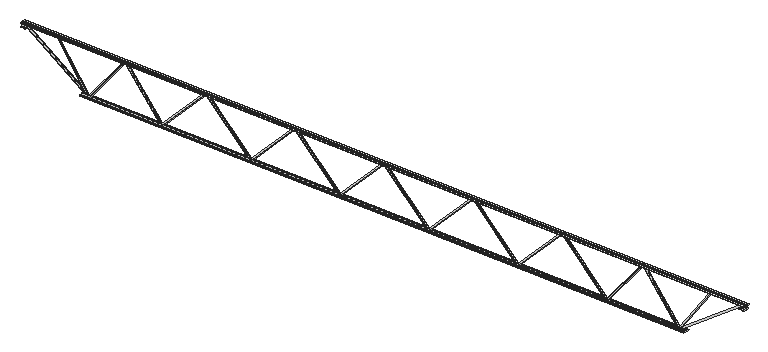
Revit family
Parameters (values of type "52DLH14")
  Variable Panel [instance] = (Length - (End Panel * 2) - IntPanelArrayLength) / 2  # 2163.5 mm
  Start Offset [instance] = 0 mm
  Start Extension [instance] = 0 mm
  M = 58
  Web Thickness = 25 mm
  Seat Length = 150 mm
  Seat Depth = 125 mm
  Rendering Material = Metal - Steel - 345 MPa
  Keynote = "G10"
  IntPanelWidth [instance] = Depth * 2  # 2642 mm
  IntPanelArrayNum [instance] = (PanelAreaLength / IntPanelWidth) - 2  # 5
  IntPanelArrayLength [instance] = IntPanelArrayNum * IntPanelWidth  # 13210 mm
  PanelAreaLength [instance] = Length - (End Panel * 2)  # 17537 mm
  End Panel = 1.5 * Depth  # 1981.5 mm
  End Offset [instance] = 0 mm
  End Extension [instance] = 0 mm
  Cord Leg = 63.5 mm
  Chord Thickness = 12.5 mm
  Assembly Code = ""
  Length [instance] = 21500 mm
  Depth = 1321 mm
Types (4, lengths in mm): name | Variable Panel | M | Rendering Material | IntPanelWidth | IntPanelArrayNum | IntPanelArrayLength | PanelAreaLength | End Panel | Depth
  (no name) | 2163.5 | 58 | Metal - Steel - 345 MPa | 2642 | 5 | 13210 | 17537 | 1981.5 | 1321
  52DLH14 | 2163.5 | 58 | Metal - Steel - 345 MPa | 2642 | 5 | 13210 | 17537 | 1981.5 | 1321
  64DLH15 | 3433 | 64 | none | 3252 | 3 | 9756 | 16622 | 2439 | 1626
  72DLH16 | 4348.5 | 74 | none | 3658 | 2 | 7316 | 16013 | 2743.5 | 1829
Reference planes
  plane 1 "Center (Front/Back)": y = 0
  plane 2: z = 0
  plane 3 "Center (Left/Right)": x = 4.61
  plane 4 "Member Left": x = -3551.39
  plane 5 "Member Right": x = 3560.61
  plane 6: y = 76
  plane 7: y = -76
  plane 8: z = 660.5
  plane 9: z = -660.5
  plane 10 "Left": x = -10745.39
  plane 11 "Stick Symbol Left": x = -3500.59
  plane 12 "Stick Symbol Right": x = 3509.81
  plane 13 "Right": x = 10754.61
  plane 14: z = 535.5
  plane 15: x = -10595.39
  plane 16: x = -8763.89
  plane 17: x = -8963.89
  plane 18: x = 10604.61
  plane 19: x = 8773.11
  plane 20: y = 12.5
  plane 21: y = -12.5
  plane 22: z = 597
  plane 23: z = -597
  plane 24: x = 8973.11
  plane 25: x = -9679.64
  plane 26: x = -6600.39
  plane 27: x = 6609.61
  plane 28: x = 9688.86
  plane 29: z = -654.15
  plane 30: z = 654.15
  plane 31: x = -10745.39
  plane 32: x = 10754.61
  plane 33: x = -10745.39
  plane 34: x = 10754.61
Forms (mm)
  Extrusion 1, solid, material "Metal - Steel - 345 MPa" <- "Rendering Material", detail levels medium+fine
    sketch origin (4.61, 0, 0) x (0, 1, 0) y (0, 0, 1)
      loop
        line (76, 660.5) -> (12.5, 660.5) -> (12.5, 597) -> (25, 597) -> (25, 648) -> (76, 648) -> (76, 660.5)
      loop
        line (-76, 660.5) -> (-76, 648) -> (-25, 648) -> (-25, 597) -> (-12.5, 597) -> (-12.5, 660.5) -> (-76, 660.5)
    from -10750 to 10750
  Extrusion 2, solid, material "Metal - Steel - 345 MPa" <- "Rendering Material", detail levels medium+fine
    sketch origin (4.61, 0, 0) x (0, 1, 0) y (0, 0, 1)
      loop
        line (12.5, -597) -> (12.5, -660.5) -> (76, -660.5) -> (76, -648) -> (25, -648) -> (25, -597) -> (12.5, -597)
      loop
        line (-12.5, -597) -> (-25, -597) -> (-25, -648) -> (-76, -648) -> (-76, -660.5) -> (-12.5, -660.5) -> (-12.5, -597)
    from -8968.5 to 8968.5
  Extrusion 3, solid, material "Metal - Steel - 345 MPa" <- "Rendering Material", detail levels medium+fine
    sketch origin (4.61, 0, 0) x (0, 1, 0) y (0, 0, 1)
      loop
        line (76, 535.5) -> (76, 548) -> (25, 548) -> (25, 597) -> (12.5, 597) -> (12.5, 535.5) -> (76, 535.5)
      loop
        line (-76, 535.5) -> (-12.5, 535.5) -> (-12.5, 597) -> (-25, 597) -> (-25, 548) -> (-76, 548) -> (-76, 535.5)
    from 10600 to 10750
  Extrusion 4, solid, material "Metal - Steel - 345 MPa" <- "Rendering Material", detail levels medium+fine
    sketch origin (4.61, 0, 0) x (0, 1, 0) y (0, 0, 1)
      loop
        line (-76, 535.5) -> (-12.5, 535.5) -> (-12.5, 597) -> (-25, 597) -> (-25, 548) -> (-76, 548) -> (-76, 535.5)
      loop
        line (12.5, 535.5) -> (76, 535.5) -> (76, 548) -> (25, 548) -> (25, 597) -> (12.5, 597) -> (12.5, 535.5)
    from -10750 to -10600
  Sweep 5, solid, material "Metal - Steel - 345 MPa" <- "Rendering Material", detail levels fine
    path in 3D
      loop
        line (8773.11, 0, -654.15) -> (10604.61, 0, 597)
    profile "Web-Profile : Web-Profile" origin (9688.86, 0, -28.575) x (-0.564075, 0, 0.825723) y (0, -1, 0)
      loop
        line (-25.4, 18.85) -> (-25.4, 6.15) -> (25.4, 6.15) -> (25.4, 18.85) -> (-25.4, 18.85)
  Sweep 6, solid, material "Metal - Steel - 345 MPa" <- "Rendering Material", detail levels fine
    path in 3D
      loop
        line (9685.957, 0, 597) -> (8773.11, 0, -654.15)
    profile "Web-Profile : Web-Profile" origin (9229.534, 0, -28.575) x (0.807838, 0, -0.589404) y (0, -1, 0)
      loop
        line (-25.4, 6.35) -> (-25.4, -6.35) -> (25.4, -6.35) -> (25.4, 6.35) -> (-25.4, 6.35)
  Sweep 7, solid, material "Metal - Steel - 345 MPa" <- "Rendering Material", detail levels fine
    path in 3D
      loop
        line (-10595.39, 0, 597) -> (-8763.89, 0, -654.15)
    profile "Web-Profile : Web-Profile" origin (-9679.64, 0, -28.575) x (0.564075, 0, 0.825723) y (0, -1, 0)
      loop
        line (-25.4, 6.35) -> (-25.4, -6.35) -> (25.4, -6.35) -> (25.4, 6.35) -> (-25.4, 6.35)
  Sweep 8, solid, material "Metal - Steel - 345 MPa" <- "Rendering Material", detail levels fine
    path in 3D
      loop
        line (-8763.89, 0, -654.15) -> (-9679.64, 0, 597)
    profile "Web-Profile : Web-Profile" origin (-9221.765, 0, -28.575) x (-0.806946, 0, -0.590625) y (0, -1, 0)
      loop
        line (-25.4, 6.35) -> (-25.4, -6.35) -> (25.4, -6.35) -> (25.4, 6.35) -> (-25.4, 6.35)
Lines and regions (mm)
  symbolic lines, style "StructuralFraming", detail levels coarse
    curve 1: line (0, 76, 660.5) -> (0, 12.5, 660.5)
    curve 2: line (0, -76, -660.5) -> (0, -12.5, -660.5)
    curve 14: line (0, 12.5, -660.5) -> (0, 76, -660.5)
    curve 15: line (4.61, 12.5, -660.5) -> (4.61, 12.5, -597)
    curve 16: line (4.61, -12.5, -660.5) -> (4.61, -12.5, -597)
    curve 17: line (4.61, -12.5, 660.5) -> (4.61, -12.5, 597)
    curve 18: line (4.61, 12.5, 660.5) -> (4.61, 12.5, 597)
    curve 19: line (0, -12.5, 660.5) -> (0, -76, 660.5)
  symbolic lines, style "StructuralFraming", detail levels coarse+medium
    curve 3: line (0, 0, -660.5) -> (0, 0, 660.5)
  reference lines
    curve 4: line (-3350.59, 0, -784.008) -> (-3350.59, 0, 740.192)
    curve 5: line (-1369.09, 0, -790.358) -> (-1369.09, 0, 740.192)
    curve 6: line (3359.81, 0, -731.088) -> (3359.81, 0, 742.312)
    curve 7: line (1378.31, 0, -858.088) -> (1378.31, 0, 742.312)
  model lines, style "Web Joist", detail levels coarse
    curve 8: line (1378.31, 0, -660.5) -> (-1369.09, 0, -660.5)
    curve 9: line (3509.81, 0, 660.5) -> (-3500.59, 0, 660.5)
    curve 24: line (-1369.09, 0, -660.5) -> (-3350.59, 0, 660.5)
    curve 25: line (1378.31, 0, -660.5) -> (3359.81, 0, 660.5)
  model lines, style "StructuralFraming", detail levels medium
    curve 10: line (-8763.89, 0, -654.15) -> (-9679.64, 0, 597)
    curve 11: line (-10595.39, 0, 597) -> (-8763.89, 0, -654.15)
    curve 12: line (9685.957, 0, 597) -> (8773.11, 0, -654.15)
    curve 13: line (8773.11, 0, -654.15) -> (10604.61, 0, 597)
  sketch lines
    curve 20: line (8773.11, 0, -654.15) -> (10604.61, 0, 597)
    curve 21: line (9685.957, 0, 597) -> (8773.11, 0, -654.15)
    curve 22: line (-10595.39, 0, 597) -> (-8763.89, 0, -654.15)
    curve 23: line (-8763.89, 0, -654.15) -> (-9679.64, 0, 597)
  symbolic lines, detail levels fine
    curve 26: line (4.61, 12.5, -654.15) -> (4.61, -12.5, -654.15)
    curve 27: line (4.61, 12.5, -597) -> (4.61, 12.5, 597)
    curve 28: line (4.61, 12.5, 654.15) -> (4.61, -12.5, 654.15)
    curve 29: line (4.61, -12.5, -597) -> (4.61, -12.5, 597)
Dimensions and locks
  equal spacing: plane 9, plane 2, plane 8
  "Length": plane 10 "Left" to plane 13 "Right"
  equal spacing: plane 10 "Left", plane 3 "Center (Left/Right)", plane 13 "Right"
  "Seat Length": curve 4 to plane 11 "Stick Symbol Left"
  "End Panel": curve 5 to curve 4
  "Seat Length": curve 6 to plane 12 "Stick Symbol Right"
  "End Panel": curve 6 to curve 7
  "Depth": plane 9 to plane 8
  "Seat Depth": plane 8 to plane 14
  locked: plane 17 to plane 16 at 200
  "End Panel": plane 10 "Left" to plane 16
  "End Panel": plane 13 "Right" to plane 19
  "Web Thickness": plane 20 to plane 21
  equal spacing: plane 20, plane 1 "Center (Front/Back)", plane 21
  "Cord Leg": plane 21 to plane 7
  "Cord Leg": plane 6 to plane 20
  "Cord Leg": plane 9 to plane 23
  "Cord Leg": plane 22 to plane 8
  "Chord Thickness": plane 8 to Extrusion 1 sketch curve
  "Chord Thickness": Extrusion 1 sketch curve to plane 8
  "Chord Thickness": plane 21 to Extrusion 1 sketch curve
  "Chord Thickness": Extrusion 1 sketch curve to plane 20
  "Chord Thickness": plane 9 to Extrusion 2 sketch curve  (x2)
  "Chord Thickness": Extrusion 2 sketch curve to plane 20
  "Chord Thickness": plane 21 to Extrusion 2 sketch curve
  locked: plane 19 to plane 24 at 200
  "Chord Thickness": plane 14 to Extrusion 3 sketch curve  (x2)
  "Chord Thickness": plane 21 to Extrusion 3 sketch curve
  "Chord Thickness": Extrusion 3 sketch curve to plane 20
  "Chord Thickness": plane 14 to Extrusion 4 sketch curve  (x2)
  "Chord Thickness": Extrusion 4 sketch curve to plane 20
  "Chord Thickness": plane 21 to Extrusion 4 sketch curve
  locked: plane 29 to plane 9 at 6.35
  locked: plane 8 to plane 30 at 6.35
  equal spacing: plane 16, plane 25, plane 15
  equal spacing: plane 18, plane 28, plane 19
  equal spacing: plane 27, plane 3 "Center (Left/Right)", plane 26
  "IntPanelArrayLength": plane 27 to plane 26
  equal spacing: group 1, group 3, group 4, group 5, group 2  (x3)
  "Start Extension": plane 31 to plane 33
  "Seat Length": plane 33 to plane 15
  "Start Offset": plane 10 "Left" to plane 33
  "End Offset": plane 34 to plane 13 "Right"
  "Seat Length": plane 18 to plane 34
  "End Extension": plane 32 to plane 34
  aligned and locked: curve 8 to plane 9
  aligned and locked: curve 9 to plane 8
  aligned and locked: plane 11 "Stick Symbol Left" to curve 9
  aligned and locked: curve 5 to curve 8
  aligned and locked: curve 7 to curve 8
  aligned and locked: plane 8 to Extrusion 1 sketch curve
  aligned and locked: Extrusion 1 sketch curve to plane 8
  aligned and locked: plane 6 to Extrusion 1 sketch curve
  aligned and locked: plane 7 to Extrusion 1 sketch curve
  aligned and locked: Extrusion 1 sketch curve to plane 22
  aligned and locked: plane 22 to Extrusion 1 sketch curve
  aligned and locked: plane 9 to Extrusion 2 sketch curve
  aligned and locked: Extrusion 2 sketch curve to plane 9
  aligned and locked: plane 6 to Extrusion 2 sketch curve
  aligned and locked: plane 7 to Extrusion 2 sketch curve
  aligned and locked: plane 20 to Extrusion 2 sketch curve
  aligned and locked: plane 21 to Extrusion 2 sketch curve
  aligned and locked: Extrusion 2 sketch curve to plane 23
  aligned and locked: plane 23 to Extrusion 2 sketch curve
  aligned and locked: Extrusion 2 to plane 24
  aligned and locked: plane 17 to Extrusion 2
  aligned and locked: Extrusion 3 sketch curve to plane 7
  aligned and locked: plane 14 to Extrusion 3 sketch curve
  aligned and locked: Extrusion 3 sketch curve to plane 14
  aligned and locked: Extrusion 3 sketch curve to plane 6
  aligned and locked: plane 21 to Extrusion 3 sketch curve
  aligned and locked: plane 20 to Extrusion 3 sketch curve
  aligned and locked: Extrusion 3 sketch curve to plane 22
  aligned and locked: plane 22 to Extrusion 3 sketch curve
  aligned and locked: Extrusion 3 to plane 18
  aligned and locked: plane 6 to Extrusion 4 sketch curve
  aligned and locked: Extrusion 4 sketch curve to plane 7
  aligned and locked: Extrusion 4 sketch curve to plane 20
  aligned and locked: plane 21 to Extrusion 4 sketch curve
  aligned and locked: plane 22 to Extrusion 4 sketch curve  (x2)
  aligned and locked: Extrusion 4 sketch curve to plane 14  (x2)
  aligned and locked: plane 15 to Extrusion 4
  aligned and locked: Extrusion 2 to curve 15
  aligned and locked: curve 15 to Extrusion 2
  aligned and locked: curve 2 to curve 16
  aligned and locked: curve 16 to Extrusion 2
  aligned and locked: Extrusion 1 to curve 17
  aligned and locked: curve 17 to Extrusion 1
  aligned and locked: curve 18 to Extrusion 1  (x2)
  aligned and locked: curve 1 to Extrusion 1
  aligned and locked: nested 1 to plane 1 "Center (Front/Back)"
  aligned and locked: nested 1 to plane 26
  aligned and locked: plane 27 to nested 2
  aligned and locked: nested 3 to plane 1 "Center (Front/Back)"
  aligned and locked: nested 3 to plane 16
  aligned and locked: nested 4 to plane 19
  aligned and locked: plane 12 "Stick Symbol Right" to curve 9
  aligned and locked: curve 13 to Extrusion 3
  aligned and locked: plane 25 to curve 10
  aligned and locked: curve 4 to curve 24
  aligned and locked: curve 6 to curve 25
  aligned and locked: plane 31 to Extrusion 4
  aligned and locked: plane 31 to Extrusion 1
  aligned and locked: plane 32 to Extrusion 1
  aligned and locked: plane 32 to Extrusion 3
Automatic sketch dimensions
  Extrusion 1 sketch curve to plane 21 = 0 mm
  Extrusion 1 sketch curve to plane 20 = 0 mm
  curve 14 to plane 6 = 0 mm
  curve 1 to plane 6 = 0 mm
  curve 14 to plane 9 = 0 mm
  curve 14 to plane 20 = 0 mm
  curve 1 to plane 20 = 0 mm
  curve 19 to plane 8 = 0 mm
  curve 19 to plane 21 = 0 mm
  curve 19 to plane 7 = 0 mm
  plane 9 to curve 7 = 197.588 mm
  plane 9 to curve 5 = 129.858 mm
  plane 9 to curve 4 = 123.508 mm
  plane 9 to curve 6 = 70.588 mm
  curve 5 to plane 8 = 79.692 mm
  curve 4 to plane 8 = 79.692 mm
  curve 7 to plane 8 = 81.812 mm
  curve 6 to plane 8 = 81.812 mm
  curve 11 to plane 15 = 0 mm
  curve 10 to plane 16 = 0 mm
  curve 12 to plane 19 = 0 mm
  curve 12 to plane 22 = 0 mm
  curve 13 to plane 18 = 0 mm
  curve 10 to plane 29 = 0 mm
  curve 13 to plane 29 = 0 mm
  curve 10 to plane 22 = 0 mm
  plane 28 to curve 12 = 2.903 mm
  curve 2 to plane 7 = 0 mm
  curve 2 to plane 9 = 0 mm
  curve 2 to plane 21 = 0 mm
  curve 3 to plane 1 "Center (Front/Back)" = 0 mm
  curve 3 to plane 9 = 0 mm
  curve 26 to plane 29 = 0 mm
  curve 29 to plane 23 = 0 mm
  curve 15 to plane 23 = 0 mm
  curve 17 to plane 22 = 0 mm
  curve 27 to plane 22 = 0 mm
  curve 28 to plane 30 = 0 mm
  curve 3 to plane 8 = 0 mm
  curve 11 to plane 22 = 0 mm
Nested families
  nested 1: "Angled Web" at (-6600.39, 0, 0), type "Angled Web"
  nested 2: "Angled Web" at (3967.61, 0, 0), type "Angled Web"
  nested 3: "Angled Web-Variable" at (-8763.89, 0, 0), PanelWidth <- "Variable Panel", type "Angled Web-Variable"
    with PanelWidth 2163.5 mm
  nested 4: "Angled Web-Variable" at (6609.61, 0, 0), PanelWidth <- "Variable Panel", type "Angled Web-Variable"
    with PanelWidth 2163.5 mm
  nested 5: "Angled Web" at (-3958.39, 0, 0), type "Angled Web"
  nested 6: "Angled Web" at (-1316.39, 0, 0), type "Angled Web"
  nested 7: "Angled Web" at (1325.61, 0, 0), type "Angled Web"
Definition of nested family "Angled Web"
  Parameters (values of type "Angled Web")
    WebMaterial = none
    Web Thickness = Thickness / 2  # 12.5 mm
    Web Offset = Web Leg / 2  # 25.4 mm
    Web Leg = 50.8 mm
    Thickness = 25 mm
    PanelHeight = 1321 mm
    PanelWidth = 2642 mm
    Assembly Code = ""
  Reference planes
    plane 1 "Center (Front/Back)": y = 0
    plane 2: z = 0
    plane 3 "Center (Left/Right)": x = 0
    plane 4: x = 2642
    plane 5: x = 1321
    plane 6: z = -660.5
    plane 7: z = -635.1
    plane 8: z = 635.5
    plane 9: z = 660.5
    plane 10: y = -12.5
    plane 11: y = 12.5
    plane 12: z = 597
    plane 13: z = -597
  Forms (mm)
    Sweep 1, solid, material <- "WebMaterial", detail levels fine
      path in 3D
        loop
          line (0, 0, -635.1) -> (25.4, 0, -635.1) -> (1295.6, 0, 635.5) -> (1346.4, 0, 635.5)
      profile origin (12.7, 0, -635.1) x (0, 0, 1) y (0, -1, 0)
        loop
          line (25.4, 0) -> (25.4, 12.5) -> (-25.4, 12.5) -> (-25.4, 0) -> (25.4, 0)
    Sweep 2, solid, material <- "WebMaterial", detail levels fine
      path in 3D
        loop
          line (2642, 0, -635.1) -> (2616.6, 0, -635.1) -> (1346.4, 0, 635.5) -> (1295.6, 0, 635.5)
      profile origin (2629.3, 0, -635.1) x (0, 0, -1) y (0, -1, 0)
        loop
          line (-25.4, -12.5) -> (25.4, -12.5) -> (25.4, 0) -> (-25.4, 0) -> (-25.4, -12.5)
    Sweep 3, solid, material <- "WebMaterial", detail levels fine
      path in 3D
        loop
          line (99.413, -12.5, -596.99) -> (1293.425, -12.5, 597.398)
      profile origin (696.419, -12.5, 0.204) x (-0.707218, 0, 0.706995) y (0, -1, 0)
        loop
          line (0, 0) -> (12.5, 0) -> (12.5, 38.3) -> (0, 38.3) -> (0, 0)
    Sweep 4, solid, material <- "WebMaterial", detail levels fine
      path in 3D
        loop
          line (2542.587, 12.5, -596.99) -> (1348.575, 12.5, 597.398)
      profile origin (1945.581, 12.5, 0.204) x (0.707218, 0, 0.706995) y (0, 1, 0)
        loop
          line (0, 0) -> (12.5, 0) -> (12.5, 38.3) -> (0, 38.3) -> (0, 0)
  Cuts and joins
    joined: Sweep 1, Sweep 3
    joined: Sweep 2, Sweep 4
  Lines and regions (mm)
    model lines, style "InvisibleLines"
      curve 1: line (0, 0, -660.5) -> (0, 0, 660.5)
      curve 2: line (0, 0, 660.5) -> (2642, 0, 660.5)
      curve 3: line (2642, 0, 660.5) -> (2642, 0, -660.5)
      curve 4: line (2642, 0, -660.5) -> (0, 0, -660.5)
    model lines, style "StructuralFraming", detail levels medium
      curve 5: line (1295.6, 0, 635.5) -> (1346.4, 0, 635.5)
      curve 6: line (0, 0, -635.1) -> (25.4, 0, -635.1)
      curve 7: line (2642, 0, -635.1) -> (2616.6, 0, -635.1)
      curve 8: line (25.4, 0, -635.1) -> (1295.6, 0, 635.5)
      curve 9: line (1346.4, 0, 635.5) -> (2616.6, 0, -635.1)
    sketch lines
      curve 10: line (0, 0, -635.1) -> (25.4, 0, -635.1)
      curve 11: line (25.4, 0, -635.1) -> (1295.6, 0, 635.5)
      curve 12: line (1295.6, 0, 635.5) -> (1346.4, 0, 635.5)
      curve 13: line (2642, 0, -635.1) -> (2616.6, 0, -635.1)
      curve 14: line (1346.4, 0, 635.5) -> (2616.6, 0, -635.1)
      curve 15: line (1295.6, 0, 635.5) -> (1346.4, 0, 635.5)
      curve 16: line (99.413, -12.5, -596.99) -> (1293.425, -12.5, 597.398)
      curve 17: line (2542.587, 12.5, -596.99) -> (1348.575, 12.5, 597.398)
  Dimensions and locks
    "PanelWidth": plane 4 to plane 3 "Center (Left/Right)"
    equal spacing: plane 4, plane 5, plane 3 "Center (Left/Right)"
    plane 7 to plane 6 = 25.4 mm
    "Thickness": plane 9 to plane 8
    "PanelHeight": plane 9 to plane 6
    equal spacing: plane 9, plane 2, plane 6
    "Thickness": plane 11 to plane 10
    equal spacing: plane 11, plane 1 "Center (Front/Back)", plane 10
    locked: plane 9 to plane 12 at 63.5
    plane 13 to plane 6 = 63.5 mm
    "Web Offset": plane 7 to plane 6
    "Web Offset": curve 6 to plane 3 "Center (Left/Right)"
    "Web Offset": curve 7 to plane 4
    "Web Offset": plane 5 to curve 5
    "Web Offset": curve 5 to plane 5
    "Web Leg": Sweep 1 sketch curve to Sweep 1 sketch curve
    equal spacing: Sweep 1 sketch curve, plane 7, Sweep 1 sketch curve
    equal spacing: Sweep 2 sketch curve, profile plane, Sweep 2 sketch curve
    "Web Leg": Sweep 2 sketch curve to Sweep 2 sketch curve
    "Web Leg": plane 1 "Center (Front/Back)" to Sweep 3 sketch curve
    "Web Thickness": Sweep 3 sketch curve to Sweep 3 sketch curve
    "Web Leg": plane 1 "Center (Front/Back)" to Sweep 4 sketch curve
    "Web Thickness": Sweep 4 sketch curve to Sweep 4 sketch curve
    aligned and locked: plane 8 to curve 5
    aligned and locked: curve 7 to plane 7
    aligned and locked: plane 7 to curve 6
    aligned and locked: plane 9 to curve 2
    aligned and locked: plane 10 to Sweep 1 sketch curve
    aligned and locked: Sweep 1 sketch curve to plane 1 "Center (Front/Back)"
    aligned and locked: Sweep 2 sketch curve to plane 11
    aligned and locked: profile plane to Sweep 2 sketch curve
    aligned and locked: Sweep 1 to curve 16
    aligned and locked: Sweep 3 sketch curve to profile plane
    aligned and locked: plane 10 to Sweep 3 sketch curve
    aligned and locked: plane 11 to Sweep 4 sketch curve
    aligned and locked: profile plane to Sweep 4 sketch curve
  Automatic sketch dimensions
    curve 1 to plane 3 "Center (Left/Right)" = 0 mm
    curve 3 to plane 4 = 0 mm
    curve 4 to plane 6 = 0 mm
Definition of nested family "Angled Web-Variable"
  Parameters (values of type "Angled Web-Variable")
    WebMaterial = none
    Web Thickness = Thickness / 2  # 12.5 mm
    Web Offset = Web Leg / 2  # 25.4 mm
    Web Leg = 50.8 mm
    Thickness = 25 mm
    PanelHeight = 1321 mm
    PanelWidth [instance] = 1524 mm
    Assembly Code = ""
  Reference planes
    plane 1 "Center (Front/Back)": y = 0
    plane 2: z = 0
    plane 3 "Center (Left/Right)": x = 0
    plane 4: x = 1524
    plane 5: x = 762
    plane 6: z = -660.5
    plane 7: z = -635.1
    plane 8: z = 635.5
    plane 9: z = 660.5
    plane 10: y = -12.5
    plane 11: y = 12.5
    plane 12: z = 597
    plane 13: z = -597
  Forms (mm)
    Sweep 1, solid, material <- "WebMaterial", detail levels fine
      path in 3D
        loop
          line (0, 0, -635.1) -> (25.4, 0, -635.1) -> (736.6, 0, 635.5) -> (787.4, 0, 635.5)
      profile origin (12.7, 0, -635.1) x (0, 0, 1) y (0, -1, 0)
        loop
          line (25.4, 0) -> (25.4, 12.5) -> (-25.4, 12.5) -> (-25.4, 0) -> (25.4, 0)
    Sweep 2, solid, material <- "WebMaterial", detail levels fine
      path in 3D
        loop
          line (1524, 0, -635.1) -> (1498.6, 0, -635.1) -> (787.4, 0, 635.5) -> (736.6, 0, 635.5)
      profile origin (1511.3, 0, -635.1) x (0, 0, -1) y (0, -1, 0)
        loop
          line (-25.4, -12.5) -> (25.4, -12.5) -> (25.4, 0) -> (-25.4, 0) -> (-25.4, -12.5)
    Sweep 3, solid, material <- "WebMaterial", detail levels fine
      path in 3D
        loop
          line (84.153, -12.5, -582.138) -> (742.719, -12.5, 594.428)
      profile origin (413.436, -12.5, 6.145) x (-0.872604, 0, 0.488428) y (0, -1, 0)
        loop
          line (0, 0) -> (12.5, 0) -> (12.5, 38.3) -> (0, 38.3) -> (0, 0)
    Sweep 4, solid, material <- "WebMaterial", detail levels fine
      path in 3D
        loop
          line (1439.847, 12.5, -582.138) -> (781.281, 12.5, 594.428)
      profile origin (1110.564, 12.5, 6.145) x (0.872604, 0, 0.488428) y (0, 1, 0)
        loop
          line (0, 0) -> (12.5, 0) -> (12.5, 38.3) -> (0, 38.3) -> (0, 0)
  Cuts and joins
    joined: Sweep 1, Sweep 3
    joined: Sweep 2, Sweep 4
  Lines and regions (mm)
    model lines, style "InvisibleLines"
      curve 1: line (0, 0, -660.5) -> (0, 0, 660.5)
      curve 2: line (0, 0, 660.5) -> (1524, 0, 660.5)
      curve 3: line (1524, 0, 660.5) -> (1524, 0, -660.5)
      curve 4: line (1524, 0, -660.5) -> (0, 0, -660.5)
    model lines, style "StructuralFraming", detail levels medium
      curve 5: line (736.6, 0, 635.5) -> (787.4, 0, 635.5)
      curve 6: line (0, 0, -635.1) -> (25.4, 0, -635.1)
      curve 7: line (1524, 0, -635.1) -> (1498.6, 0, -635.1)
      curve 8: line (25.4, 0, -635.1) -> (736.6, 0, 635.5)
      curve 9: line (787.4, 0, 635.5) -> (1498.6, 0, -635.1)
    sketch lines
      curve 10: line (0, 0, -635.1) -> (25.4, 0, -635.1)
      curve 11: line (25.4, 0, -635.1) -> (736.6, 0, 635.5)
      curve 12: line (736.6, 0, 635.5) -> (787.4, 0, 635.5)
      curve 13: line (1524, 0, -635.1) -> (1498.6, 0, -635.1)
      curve 14: line (787.4, 0, 635.5) -> (1498.6, 0, -635.1)
      curve 15: line (736.6, 0, 635.5) -> (787.4, 0, 635.5)
      curve 16: line (84.153, -12.5, -582.138) -> (742.719, -12.5, 594.428)
      curve 17: line (1439.847, 12.5, -582.138) -> (781.281, 12.5, 594.428)
  Dimensions and locks
    "PanelWidth": plane 4 to plane 3 "Center (Left/Right)"
    equal spacing: plane 4, plane 5, plane 3 "Center (Left/Right)"
    plane 7 to plane 6 = 25.4 mm
    "Thickness": plane 9 to plane 8
    "PanelHeight": plane 9 to plane 6
    equal spacing: plane 9, plane 2, plane 6
    "Thickness": plane 11 to plane 10
    equal spacing: plane 11, plane 1 "Center (Front/Back)", plane 10
    locked: plane 9 to plane 12 at 63.5
    plane 13 to plane 6 = 63.5 mm
    "Web Offset": plane 7 to plane 6
    "Web Offset": curve 6 to plane 3 "Center (Left/Right)"
    "Web Offset": curve 7 to plane 4
    "Web Offset": plane 5 to curve 5
    "Web Offset": curve 5 to plane 5
    "Web Leg": Sweep 1 sketch curve to Sweep 1 sketch curve
    equal spacing: Sweep 1 sketch curve, plane 7, Sweep 1 sketch curve
    equal spacing: Sweep 2 sketch curve, profile plane, Sweep 2 sketch curve
    "Web Leg": Sweep 2 sketch curve to Sweep 2 sketch curve
    "Web Leg": plane 1 "Center (Front/Back)" to Sweep 3 sketch curve
    "Web Thickness": Sweep 3 sketch curve to Sweep 3 sketch curve
    "Web Leg": plane 1 "Center (Front/Back)" to Sweep 4 sketch curve
    "Web Thickness": Sweep 4 sketch curve to Sweep 4 sketch curve
    aligned and locked: plane 8 to curve 5
    aligned and locked: curve 7 to plane 7
    aligned and locked: plane 7 to curve 6
    aligned and locked: plane 9 to curve 2
    aligned and locked: plane 10 to Sweep 1 sketch curve
    aligned and locked: Sweep 1 sketch curve to plane 1 "Center (Front/Back)"
    aligned and locked: Sweep 2 sketch curve to plane 11
    aligned and locked: profile plane to Sweep 2 sketch curve
    aligned and locked: Sweep 1 to curve 16
    aligned and locked: Sweep 3 sketch curve to profile plane
    aligned and locked: plane 10 to Sweep 3 sketch curve
    aligned and locked: Sweep 4 sketch curve to plane 11
    aligned and locked: profile plane to Sweep 4 sketch curve
  Automatic sketch dimensions
    curve 1 to plane 3 "Center (Left/Right)" = 0 mm
    curve 3 to plane 4 = 0 mm
    curve 4 to plane 6 = 0 mm
